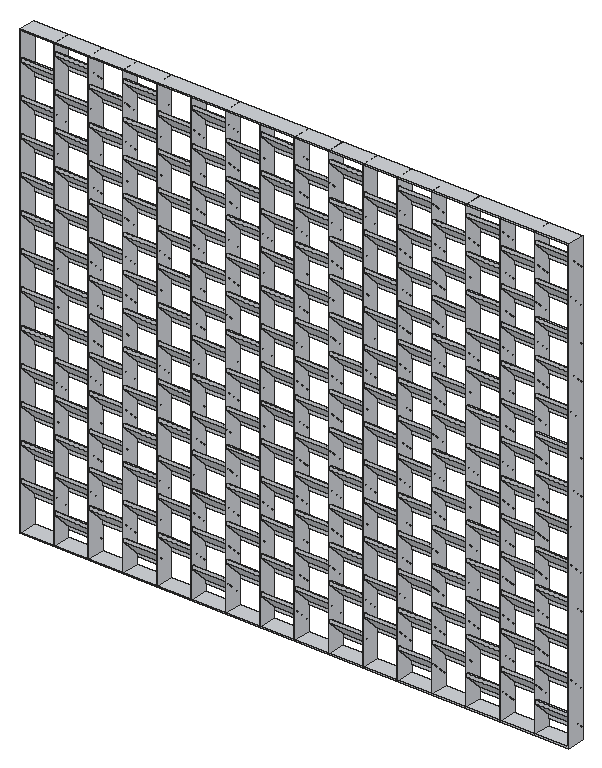
Revit family "Slant Blade-Tex Screen", category Mechanical Equipment, Revit 2015
Parameters
  Void Width [instance] = A + 0' 0 23/256"  # 0' - 6 23/256"
  Vertical Bar Height [instance] = Exact Height - Frame Thickness * 2  # 6' - 6 3/4"
  VBar Number [instance] = (Exact Width / 2) / A  # 8
  URL = "http://unitedenertech.com/catalog/pdf/D_6%20SLANT%20BLADE-TEX.pdf"
  Type Comments = "Max. Single Section Sizes are (120\"w x 84\"h) or (84\"w x 120\"h)"
  Model = "Slant Blade-Tex Screen"
  Manufacturer = "United Enertech Corporation"
  Keynote = "See Submittal for Max. A and B Values"
  H3Bar Number [instance] = H2Bar Number + 1  # 7
  H2Bar Number [instance] = (Exact Height / 2 - Frame Thickness - B / 2) / B  # 6
  H1Bar Number [instance] = (Exact Height / 2 - Frame Thickness) / B  # 7
  Frame Thickness = 0' - 0 1/8"
  Exact Width = 8' - 0"
  Exact Height = 6' - 7"
  Description = "Slant Blade-Tex Architectural Grille. Bar Frame Shown, consult Factory for Channel or Tube Frame Models."
  Depth = 0' - 3"
  Blade Length [instance] = Exact Width - Frame Thickness * 2  # 7' - 11 3/4"
  B/2 [instance] = B / 2  # 0' - 3"
  B = 0' - 6"
  A = 0' - 6"
  2A [instance] = 2 * A  # 1' - 0"
Reference planes (in)
  plane 1 "Center (Front/Back)": y = 0
  plane 2: z = 0
  plane 3 "Center (Left/Right)": x = 0
  plane 4: x = -48
  plane 5: x = 48
  plane 6: y = 1.5
  plane 7: y = -1.5
  plane 8: z = 79
  plane 9: z = 39.5
  plane 10: x = -47.875
  plane 11: x = 47.875
  plane 12: z = 0.125
  plane 13: z = 78.875
  plane 14: x = 0.045
  plane 15: x = -59.955
  plane 16: z = 44.56055
  plane 17: z = 41.56055
Forms (in)
  Extrusion 1, solid
    sketch origin (0, 0, 0) x (1, 0, 0) y (0, 0, 1)
      loop
        line (-47.875, 78.875) -> (-47.875, 0.125) -> (47.875, 0.125) -> (47.875, 78.875) -> (-47.875, 78.875)
      loop
        line (-48, 79) -> (-48, 0) -> (48, 0) -> (48, 79) -> (-48, 79)
    from -1.5 to 1.5
Dimensions and locks (in)
  "Exact Width": plane 4 to plane 5
  "Depth": plane 6 to plane 7
  equal spacing: plane 4, plane 3 "Center (Left/Right)", plane 5
  equal spacing: plane 6, plane 1 "Center (Front/Back)", plane 7
  equal spacing: plane 8, plane 9, level
  "Exact Height": plane 8 to level
  "Frame Thickness": plane 11 to plane 5
  "Frame Thickness": plane 4 to plane 10
  "Frame Thickness": plane 12 to level
  "Frame Thickness": plane 8 to plane 13
  locked: plane 3 "Center (Left/Right)" to plane 14 at 0.045
  equal spacing: group 34, group 33, group 32, group 31, group 30, group 29, group 2, group 1
  equal spacing: group 1, group 2, group 29, group 30, group 31, group 32, group 33, group 34  (x2)
  "A": nested 2 to nested 1
  equal spacing: group 1, group 3, group 35, group 36, group 37, group 38, group 39, group 40  (x3)
  "A": nested 1 to nested 3
  plane 17 to plane 9 = 0' - 2.06055"
  "B/2": plane 16 to plane 17
  equal spacing: group 4, group 5, group 6, group 15, group 16, group 17, group 18  (x3)
  "B": nested 6 to nested 4
  equal spacing: group 4, group 7, group 8, group 19, group 20, group 21, group 22  (x2)
  equal spacing: group 22, group 21, group 20, group 19, group 8, group 7, group 4
  "B": nested 4 to nested 8
  equal spacing: group 9, group 10, group 11, group 23, group 24, group 25  (x3)
  "B": nested 10 to nested 5
  equal spacing: group 9, group 12, group 13, group 14, group 26, group 27, group 28  (x2)
  equal spacing: group 28, group 27, group 26, group 14, group 13, group 12, group 9
  "B": nested 5 to nested 12
  aligned and locked: level to plane 2
  aligned and locked: level to Extrusion 1 sketch curve
  aligned and locked: plane 4 to Extrusion 1 sketch curve
  aligned and locked: Extrusion 1 sketch curve to plane 5
  aligned and locked: plane 12 to Extrusion 1 sketch curve
  aligned and locked: plane 11 to Extrusion 1 sketch curve
  aligned and locked: plane 10 to Extrusion 1 sketch curve
  aligned and locked: Extrusion 1 sketch curve to plane 8
  aligned and locked: plane 13 to Extrusion 1 sketch curve
  aligned and locked: Extrusion 1 to plane 6
  aligned and locked: Extrusion 1 to plane 7
  aligned and locked: plane 14 to nested 1
  aligned and locked: nested 1 to plane 7
  aligned and locked: nested 2 to nested 1
  aligned and locked: nested 1 to nested 3
  aligned and locked: plane 17 to nested 4  (x2)
  aligned and locked: plane 3 "Center (Left/Right)" to nested 5
  aligned and locked: plane 3 "Center (Left/Right)" to nested 4
  aligned and locked: nested 4 to plane 7
  aligned and locked: plane 16 to nested 5
  aligned and locked: nested 5 to plane 7
Nested families (in)
  nested 1: "VBAR" at (0.045, -1.5, 0.125), type "VBAR"
    with H 6' - 6 3/4"
  nested 2: "VBAR" at (-5.955, -1.5, 0.125), type "VBAR"
    with H 6' - 6 3/4"
  nested 3: "VBAR" at (6.045, -1.5, 0.125), type "VBAR"
    with H 6' - 6 3/4"
  nested 4: "Slant Tex Blades 1" at (0, 1.5, 39.49908), type "Slant Tex Blades 1"
    with Blade Length 7' - 11 3/4"
  nested 5: "Slant Tex Blades" at (0, 1.5, 42.49908), type "Slant Tex Blades"
    with Blade Length 7' - 11 3/4"
  nested 6: "Slant Tex Blades 1" at (0, 1.5, 45.49908), type "Slant Tex Blades 1"
    with Blade Length 7' - 11 3/4"
  nested 7: "Slant Tex Blades 1" at (0, 1.5, 51.49908), type "Slant Tex Blades 1"
    with Blade Length 7' - 11 3/4"
  nested 8: "Slant Tex Blades 1" at (0, 1.5, 33.49908), type "Slant Tex Blades 1"
    with Blade Length 7' - 11 3/4"
  nested 9: "Slant Tex Blades 1" at (0, 1.5, 27.49908), type "Slant Tex Blades 1"
    with Blade Length 7' - 11 3/4"
  nested 10: "Slant Tex Blades" at (0, 1.5, 48.49908), type "Slant Tex Blades"
    with Blade Length 7' - 11 3/4"
  nested 11: "Slant Tex Blades" at (0, 1.5, 54.49908), type "Slant Tex Blades"
    with Blade Length 7' - 11 3/4"
  nested 12: "Slant Tex Blades" at (0, 1.5, 36.49908), type "Slant Tex Blades"
    with Blade Length 7' - 11 3/4"
  nested 13: "Slant Tex Blades" at (0, 1.5, 30.49908), type "Slant Tex Blades"
    with Blade Length 7' - 11 3/4"
  nested 14: "Slant Tex Blades" at (0, 1.5, 24.49908), type "Slant Tex Blades"
    with Blade Length 7' - 11 3/4"
  nested 15: "Slant Tex Blades 1" at (0, 1.5, 57.49908), type "Slant Tex Blades 1"
    with Blade Length 7' - 11 3/4"
  nested 16: "Slant Tex Blades 1" at (0, 1.5, 63.49908), type "Slant Tex Blades 1"
    with Blade Length 7' - 11 3/4"
  nested 17: "Slant Tex Blades 1" at (0, 1.5, 69.49908), type "Slant Tex Blades 1"
    with Blade Length 7' - 11 3/4"
  nested 18: "Slant Tex Blades 1" at (0, 1.5, 75.49908), type "Slant Tex Blades 1"
    with Blade Length 7' - 11 3/4"
  nested 19: "Slant Tex Blades 1" at (0, 1.5, 21.49908), type "Slant Tex Blades 1"
    with Blade Length 7' - 11 3/4"
  nested 20: "Slant Tex Blades 1" at (0, 1.5, 15.49908), type "Slant Tex Blades 1"
    with Blade Length 7' - 11 3/4"
  nested 21: "Slant Tex Blades 1" at (0, 1.5, 9.49908), type "Slant Tex Blades 1"
    with Blade Length 7' - 11 3/4"
  nested 22: "Slant Tex Blades 1" at (0, 1.5, 3.49908), type "Slant Tex Blades 1"
    with Blade Length 7' - 11 3/4"
  nested 23: "Slant Tex Blades" at (0, 1.5, 60.49908), type "Slant Tex Blades"
    with Blade Length 7' - 11 3/4"
  nested 24: "Slant Tex Blades" at (0, 1.5, 66.49908), type "Slant Tex Blades"
    with Blade Length 7' - 11 3/4"
  nested 25: "Slant Tex Blades" at (0, 1.5, 72.49908), type "Slant Tex Blades"
    with Blade Length 7' - 11 3/4"
  nested 26: "Slant Tex Blades" at (0, 1.5, 18.49908), type "Slant Tex Blades"
    with Blade Length 7' - 11 3/4"
  nested 27: "Slant Tex Blades" at (0, 1.5, 12.49908), type "Slant Tex Blades"
    with Blade Length 7' - 11 3/4"
  nested 28: "Slant Tex Blades" at (0, 1.5, 6.49908), type "Slant Tex Blades"
    with Blade Length 7' - 11 3/4"
  nested 29: "VBAR" at (-11.955, -1.5, 0.125), type "VBAR"
    with H 6' - 6 3/4"
  nested 30: "VBAR" at (-17.955, -1.5, 0.125), type "VBAR"
    with H 6' - 6 3/4"
  nested 31: "VBAR" at (-23.955, -1.5, 0.125), type "VBAR"
    with H 6' - 6 3/4"
  nested 32: "VBAR" at (-29.955, -1.5, 0.125), type "VBAR"
    with H 6' - 6 3/4"
  nested 33: "VBAR" at (-35.955, -1.5, 0.125), type "VBAR"
    with H 6' - 6 3/4"
  nested 34: "VBAR" at (-41.955, -1.5, 0.125), type "VBAR"
    with H 6' - 6 3/4"
  nested 35: "VBAR" at (12.045, -1.5, 0.125), type "VBAR"
    with H 6' - 6 3/4"
  nested 36: "VBAR" at (18.045, -1.5, 0.125), type "VBAR"
    with H 6' - 6 3/4"
  nested 37: "VBAR" at (24.045, -1.5, 0.125), type "VBAR"
    with H 6' - 6 3/4"
  nested 38: "VBAR" at (30.045, -1.5, 0.125), type "VBAR"
    with H 6' - 6 3/4"
  nested 39: "VBAR" at (36.045, -1.5, 0.125), type "VBAR"
    with H 6' - 6 3/4"
  nested 40: "VBAR" at (42.045, -1.5, 0.125), type "VBAR"
    with H 6' - 6 3/4"
Definition of nested family "VBAR"
  Parameters (values of type "VBAR")
    H = 6' - 1 3/4"
  Reference planes (in)
    plane 1 "Center (Front/Back)": y = 0
    plane 2: z = 0
    plane 3 "Center (Left/Right)": x = 0
    plane 4: x = -0.09
    plane 5: y = 3
    plane 6: z = 73.75
  Forms (in)
    Extrusion 1, solid
      sketch origin (0, 0, 0) x (1, 0, 0) y (0, 1, 0)
        loop
          line (-0.09, 3) -> (-0.09, 0) -> (0, 0) -> (0, 3) -> (-0.09, 3)
      from 0 to 73.75
  Dimensions and locks (in)
    plane 4 to plane 3 "Center (Left/Right)" = 0' - 0.09"
    plane 1 "Center (Front/Back)" to plane 5 = 0' - 3"
    "H": plane 6 to level
    aligned and locked: level to plane 2
    aligned and locked: plane 6 to Extrusion 1
  Automatic sketch dimensions
    plane 1 "Center (Front/Back)" to Extrusion 1 sketch curve = 0' - 0"
    Extrusion 1 sketch curve to plane 4 = 0' - 0"
    Extrusion 1 sketch curve to plane 3 "Center (Left/Right)" = 0' - 0"
    Extrusion 1 sketch curve to plane 5 = 0' - 0"
Definition of nested family "Slant Tex Blades 1"
  Parameters (values of type "Slant Tex Blades 1")
    V = 0' - 6 23/256"
    Blade Length = 9' - 11 3/4"
    2A = 1' - 0"
  Reference planes (in)
    plane 1 "Center (Front/Back)": y = 0
    plane 2: z = 0
    plane 3 "Center (Left/Right)": x = 0
    plane 4: x = -59.875
    plane 5: x = 59.875
    plane 6: x = 6.04484
    plane 7: x = 11.955
    plane 8: x = 18.04484
    plane 9: x = -0.045
    plane 10: x = 23.955
    plane 11: x = 30.04484
    plane 12: x = 35.955
    plane 13: x = 42.04484
    plane 14: x = 47.955
    plane 15: x = 54.04484
    plane 16: x = -5.95516
    plane 17: x = -12.045
    plane 18: x = -17.95516
    plane 19: x = -24.045
    plane 20: x = -29.95516
    plane 21: x = -36.045
    plane 22: x = -41.95516
    plane 23: x = -48.045
    plane 24: x = -53.95516
    plane 25: x = -60.045
    plane 26: y = -3
    plane 27: z = -2.06147
    plane 28: z = 2.06147
  Forms (in)
    Extrusion 1, void
      sketch origin (48, 0, 0) x (1, 0, 0) y (0, 0, 1)
        loop
          line (-48.045, 3) -> (-48.045, -2.74777) -> (-41.95516, -2.74777) -> (-41.95516, 3) -> (-48.045, 3)
      from 0 to 12
    Extrusion 2, void
      sketch origin (61.75, 0, 0) x (1, 0, 0) y (0, 0, 1)
        loop
          line (-49.795, 3) -> (-49.795, -2.74777) -> (-43.70516, -2.74777) -> (-43.70516, 3) -> (-49.795, 3)
      from 0 to 12
    Extrusion 3, void
      sketch origin (72.75, 0, 0) x (1, 0, 0) y (0, 0, 1)
        loop
          line (-48.795, 3) -> (-48.795, -2.74777) -> (-42.70516, -2.74777) -> (-42.70516, 3) -> (-48.795, 3)
      from 0 to 12
    Extrusion 4, void
      sketch origin (85, 0, 0) x (1, 0, 0) y (0, 0, 1)
        loop
          line (-49.045, 3) -> (-49.045, -2.74777) -> (-42.95516, -2.74777) -> (-42.95516, 3) -> (-49.045, 3)
      from 0 to 12
    Extrusion 5, void
      sketch origin (98, 0, 0) x (1, 0, 0) y (0, 0, 1)
        loop
          line (-50.045, 3) -> (-50.045, -2.74777) -> (-43.95516, -2.74777) -> (-43.95516, 3) -> (-50.045, 3)
      from 0 to 12
    Extrusion 6, void
      sketch origin (36.25, 0, 0) x (1, 0, 0) y (0, 0, 1)
        loop
          line (-48.295, 3) -> (-48.295, -2.74777) -> (-42.20516, -2.74777) -> (-42.20516, 3) -> (-48.295, 3)
      from 0 to 12
    Extrusion 7, void
      sketch origin (25.25, 0, 0) x (1, 0, 0) y (0, 0, 1)
        loop
          line (-49.295, 3) -> (-49.295, -2.74777) -> (-43.20516, -2.74777) -> (-43.20516, 3) -> (-49.295, 3)
      from 0 to 12
    Extrusion 8, void
      sketch origin (13.5, 0, 0) x (1, 0, 0) y (0, 0, 1)
        loop
          line (-49.545, 3) -> (-49.545, -2.74777) -> (-43.45516, -2.74777) -> (-43.45516, 3) -> (-49.545, 3)
      from 0 to 12
    Extrusion 9, void
      sketch origin (1, 0, 0) x (1, 0, 0) y (0, 0, 1)
        loop
          line (-49.045, 3) -> (-49.045, -2.74777) -> (-42.95516, -2.74777) -> (-42.95516, 3) -> (-49.045, 3)
      from 0 to 12
    Extrusion 10, void
      sketch origin (-10.25, 0, 0) x (1, 0, 0) y (0, 0, 1)
        loop
          line (-49.795, 3) -> (-49.795, -2.74777) -> (-43.70516, -2.74777) -> (-43.70516, 3) -> (-49.795, 3)
      from 0 to 12
    Extrusion 11, solid
      sketch origin (0, 0, 10.56965) x (0, 1, 0) y (0, 0, 1)
        loop
          line (0, -12.63112) -> (0, -12.00612) -> (-2.91, -9.09612) -> (-2.91, -8.50817) -> (-3, -8.50817) -> (-3, -9.13317) -> (-0.09, -12.04317) -> (-0.09, -12.63112) -> (0, -12.63112)
      from -59.875 to 59.875
  Cuts and joins
    Extrusion 1, Extrusion 2, Extrusion 3, Extrusion 4, Extrusion 5, Extrusion 6, Extrusion 7, Extrusion 8, Extrusion 9, Extrusion 10 cuts Extrusion 11
  Dimensions and locks (in)
    equal spacing: plane 5, plane 3 "Center (Left/Right)", plane 4
    "Blade Length": plane 5 to plane 4
    locked: plane 9 to plane 3 "Center (Left/Right)" at 0.045
    "V": plane 9 to plane 6
    "2A": plane 8 to plane 6
    "V": plane 8 to plane 7
    "2A": plane 11 to plane 8
    "2A": plane 13 to plane 11
    "2A": plane 15 to plane 13
    "V": plane 11 to plane 10
    "V": plane 13 to plane 12
    "V": plane 15 to plane 14
    "2A": plane 6 to plane 16
    "2A": plane 18 to plane 16
    "2A": plane 20 to plane 18
    "2A": plane 22 to plane 20
    "2A": plane 24 to plane 22
    "V": plane 17 to plane 16
    "V": plane 19 to plane 18
    "V": plane 21 to plane 20
    "V": plane 23 to plane 22
    "V": plane 25 to plane 24
    locked: plane 1 "Center (Front/Back)" to plane 26 at 3
    aligned and locked: level to plane 2
    aligned and locked: plane 6 to Extrusion 1
    aligned and locked: plane 9 to Extrusion 1
    aligned and locked: Extrusion 2 to plane 7
    aligned and locked: plane 8 to Extrusion 2
    aligned and locked: Extrusion 3 to plane 10
    aligned and locked: plane 11 to Extrusion 3
    aligned and locked: Extrusion 4 to plane 12
    aligned and locked: plane 13 to Extrusion 4
    aligned and locked: plane 15 to Extrusion 5
    aligned and locked: Extrusion 5 to plane 14
    aligned and locked: plane 17 to Extrusion 6
    aligned and locked: Extrusion 6 to plane 16
    aligned and locked: Extrusion 7 to plane 18
    aligned and locked: plane 19 to Extrusion 7
    aligned and locked: Extrusion 8 to plane 20
    aligned and locked: plane 21 to Extrusion 8
    aligned and locked: Extrusion 9 to plane 22
    aligned and locked: plane 23 to Extrusion 9
    aligned and locked: Extrusion 10 to plane 24
    aligned and locked: plane 25 to Extrusion 10
    aligned and locked: Extrusion 11 to plane 5
    aligned and locked: Extrusion 11 to plane 4
  Automatic sketch dimensions
    plane 9 to Extrusion 1 sketch curve = 0' - 0"
    Extrusion 1 sketch curve to plane 6 = 0' - 0"
    Extrusion 2 sketch curve to plane 7 = 0' - 0"
    Extrusion 2 sketch curve to plane 8 = 0' - 0"
    Extrusion 3 sketch curve to plane 10 = 0' - 0"
    Extrusion 3 sketch curve to plane 11 = 0' - 0"
    Extrusion 4 sketch curve to plane 12 = 0' - 0"
    Extrusion 4 sketch curve to plane 13 = 0' - 0"
    Extrusion 5 sketch curve to plane 14 = 0' - 0"
    Extrusion 5 sketch curve to plane 15 = 0' - 0"
    Extrusion 6 sketch curve to plane 17 = 0' - 0"
    Extrusion 6 sketch curve to plane 16 = 0' - 0"
    plane 19 to Extrusion 7 sketch curve = 0' - 0"
    Extrusion 7 sketch curve to plane 18 = 0' - 0"
    Extrusion 8 sketch curve to plane 21 = 0' - 0"
    Extrusion 8 sketch curve to plane 20 = 0' - 0"
    Extrusion 9 sketch curve to plane 23 = 0' - 0"
    Extrusion 9 sketch curve to plane 22 = 0' - 0"
    Extrusion 10 sketch curve to plane 4 = 0' - 0.17"
    Extrusion 10 sketch curve to plane 24 = 0' - 0"
    Extrusion 11 sketch curve to plane 26 = 0' - 0"
    Extrusion 11 sketch curve to plane 1 "Center (Front/Back)" = 0' - 0"
    plane 1 "Center (Front/Back)" to Extrusion 11 sketch curve = 0' - 0.09"
    Extrusion 11 sketch curve to Extrusion 11 sketch curve = 0' - 0.58794"
    Extrusion 11 sketch curve to Extrusion 11 sketch curve = 0' - 0.03706"  (x2)
    Extrusion 11 sketch curve to plane 26 = 0' - 0.09"
    Extrusion 11 sketch curve to Extrusion 11 sketch curve = 0' - 0 5/8"
    Extrusion 11 sketch curve to Extrusion 11 sketch curve = 0' - 2.91"
    Extrusion 1 sketch curve to level = 0' - 2.74777"
    Extrusion 2 sketch curve to level = 0' - 2.74777"
    Extrusion 3 sketch curve to level = 0' - 2.74777"
    Extrusion 4 sketch curve to level = 0' - 2.74777"
    Extrusion 5 sketch curve to level = 0' - 2.74777"
    Extrusion 6 sketch curve to level = 0' - 2.74777"
    Extrusion 7 sketch curve to level = 0' - 2.74777"
    Extrusion 8 sketch curve to level = 0' - 2.74777"
    Extrusion 9 sketch curve to level = 0' - 2.74777"
    Extrusion 10 sketch curve to level = 0' - 2.74777"
    Extrusion 11 sketch curve to plane 27 = 0' - 0"
    level to Extrusion 1 sketch curve = 0' - 3"
    level to Extrusion 2 sketch curve = 0' - 3"
    level to Extrusion 3 sketch curve = 0' - 3"
    level to Extrusion 4 sketch curve = 0' - 3"
    level to Extrusion 5 sketch curve = 0' - 3"
    level to Extrusion 6 sketch curve = 0' - 3"
    level to Extrusion 7 sketch curve = 0' - 3"
    level to Extrusion 8 sketch curve = 0' - 3"
    level to Extrusion 9 sketch curve = 0' - 3"
    level to Extrusion 10 sketch curve = 0' - 3"
Definition of nested family "Slant Tex Blades"
  Parameters (values of type "Slant Tex Blades")
    V = 0' - 6 23/256"
    Blade Length = 9' - 11 3/4"
    2A = 1' - 0"
  Reference planes (in)
    plane 1 "Center (Front/Back)": y = 0
    plane 2: z = 0
    plane 3 "Center (Left/Right)": x = 0
    plane 4: x = -59.875
    plane 5: x = 59.875
    plane 6: x = 0.045
    plane 7: x = -6.04484
    plane 8: x = -11.955
    plane 9: x = -18.04484
    plane 10: x = -23.955
    plane 11: x = -30.04484
    plane 12: x = -42.04484
    plane 13: x = -35.955
    plane 14: x = -47.955
    plane 15: x = -54.04484
    plane 16: x = 5.95516
    plane 17: x = 12.045
    plane 18: x = 17.95516
    plane 19: x = 24.045
    plane 20: x = 29.95516
    plane 21: x = 36.045
    plane 22: x = 41.95516
    plane 23: x = 48.045
    plane 24: x = 53.95516
    plane 25: x = 60.045
    plane 26: y = -3
    plane 27: z = -2.06147
    plane 28: z = 2.06147
  Forms (in)
    Extrusion 1, void
      sketch origin (0, 0, 0) x (1, 0, 0) y (0, 0, 1)
        loop
          line (-54.04484, 3) -> (-54.04484, -2.74777) -> (-47.955, -2.74777) -> (-47.955, 3) -> (-54.04484, 3)
      from 0 to 12
    Extrusion 2, void
      sketch origin (12, 0, 0) x (1, 0, 0) y (0, 0, 1)
        loop
          line (-54.04484, 3) -> (-54.04484, -2.74777) -> (-47.955, -2.74777) -> (-47.955, 3) -> (-54.04484, 3)
      from 0 to 12
    Extrusion 3, void
      sketch origin (24, 0, 0) x (1, 0, 0) y (0, 0, 1)
        loop
          line (-54.04484, 3) -> (-54.04484, -2.74777) -> (-47.955, -2.74777) -> (-47.955, 3) -> (-54.04484, 3)
      from 0 to 12
    Extrusion 4, void
      sketch origin (36, 0, 0) x (1, 0, 0) y (0, 0, 1)
        loop
          line (-54.04484, 3) -> (-54.04484, -2.74777) -> (-47.955, -2.74777) -> (-47.955, 3) -> (-54.04484, 3)
      from 0 to 12
    Extrusion 5, void
      sketch origin (48, 0, 0) x (1, 0, 0) y (0, 0, 1)
        loop
          line (-54.04484, 3) -> (-54.04484, -2.74777) -> (-47.955, -2.74777) -> (-47.955, 3) -> (-54.04484, 3)
      from 0 to 12
    Extrusion 6, void
      sketch origin (60, 0, 0) x (1, 0, 0) y (0, 0, 1)
        loop
          line (-54.04484, 3) -> (-54.04484, -2.74777) -> (-47.955, -2.74777) -> (-47.955, 3) -> (-54.04484, 3)
      from 0 to 12
    Extrusion 7, void
      sketch origin (72, 0, 0) x (1, 0, 0) y (0, 0, 1)
        loop
          line (-54.04484, 3) -> (-54.04484, -2.74777) -> (-47.955, -2.74777) -> (-47.955, 3) -> (-54.04484, 3)
      from 0 to 12
    Extrusion 8, void
      sketch origin (84, 0, 0) x (1, 0, 0) y (0, 0, 1)
        loop
          line (-54.04484, 3) -> (-54.04484, -2.74777) -> (-47.955, -2.74777) -> (-47.955, 3) -> (-54.04484, 3)
      from 0 to 12
    Extrusion 9, void
      sketch origin (96, 0, 0) x (1, 0, 0) y (0, 0, 1)
        loop
          line (-54.04484, 3) -> (-54.04484, -2.74777) -> (-47.955, -2.74777) -> (-47.955, 3) -> (-54.04484, 3)
      from 0 to 12
    Extrusion 10, void
      sketch origin (108, 0, 0) x (1, 0, 0) y (0, 0, 1)
        loop
          line (-54.04484, 3) -> (-54.04484, -2.74777) -> (-47.955, -2.74777) -> (-47.955, 3) -> (-54.04484, 3)
      from 0 to 12
    Extrusion 11, solid
      sketch origin (0, 0, 9.28565) x (0, 1, 0) y (0, 0, 1)
        loop
          line (0, -11.34712) -> (0, -10.72212) -> (-2.91, -7.81212) -> (-2.91, -7.22418) -> (-3, -7.22418) -> (-3, -7.84918) -> (-0.09, -10.75918) -> (-0.09, -11.34712) -> (0, -11.34712)
      from -59.875 to 59.875
  Cuts and joins
    Extrusion 1, Extrusion 2, Extrusion 3, Extrusion 4, Extrusion 5, Extrusion 6, Extrusion 7, Extrusion 8, Extrusion 9, Extrusion 10 cuts Extrusion 11
  Dimensions and locks (in)
    equal spacing: plane 5, plane 3 "Center (Left/Right)", plane 4
    "Blade Length": plane 5 to plane 4
    locked: plane 6 to plane 3 "Center (Left/Right)" at 0.045
    "V": plane 6 to plane 7
    "2A": plane 6 to plane 8
    "V": plane 8 to plane 9
    "2A": plane 8 to plane 10
    "V": plane 10 to plane 11
    "2A": plane 10 to plane 13
    "V": plane 13 to plane 12
    "2A": plane 13 to plane 14
    "V": plane 14 to plane 15
    "2A": plane 17 to plane 6
    "V": plane 17 to plane 16
    "2A": plane 19 to plane 17
    "V": plane 19 to plane 18
    "2A": plane 21 to plane 19
    "V": plane 21 to plane 20
    "2A": plane 23 to plane 21
    "V": plane 23 to plane 22
    "2A": plane 25 to plane 23
    "V": plane 25 to plane 24
    aligned and locked: level to plane 2
    aligned and locked: plane 15 to Extrusion 1 sketch curve
    aligned and locked: Extrusion 1 sketch curve to plane 14
    aligned and locked: Extrusion 11 to plane 5
    aligned and locked: Extrusion 11 to plane 4
  Automatic sketch dimensions
    Extrusion 2 sketch curve to plane 12 = 0' - 0"
    Extrusion 2 sketch curve to plane 13 = 0' - 0"
    Extrusion 3 sketch curve to plane 11 = 0' - 0"
    Extrusion 3 sketch curve to plane 10 = 0' - 0"
    Extrusion 4 sketch curve to plane 9 = 0' - 0"
    Extrusion 4 sketch curve to plane 8 = 0' - 0"
    plane 7 to Extrusion 5 sketch curve = 0' - 0"
    Extrusion 5 sketch curve to plane 6 = 0' - 0"
    Extrusion 6 sketch curve to plane 16 = 0' - 0"
    Extrusion 6 sketch curve to plane 17 = 0' - 0"
    Extrusion 7 sketch curve to plane 18 = 0' - 0"
    Extrusion 7 sketch curve to plane 19 = 0' - 0"
    Extrusion 8 sketch curve to plane 20 = 0' - 0"
    Extrusion 8 sketch curve to plane 21 = 0' - 0"
    Extrusion 9 sketch curve to plane 22 = 0' - 0"
    Extrusion 9 sketch curve to plane 23 = 0' - 0"
    Extrusion 10 sketch curve to plane 24 = 0' - 0"
    Extrusion 10 sketch curve to plane 25 = 0' - 0"
    Extrusion 11 sketch curve to plane 26 = 0' - 0"
    Extrusion 11 sketch curve to plane 1 "Center (Front/Back)" = 0' - 0"
    plane 1 "Center (Front/Back)" to Extrusion 11 sketch curve = 0' - 0.09"
    Extrusion 11 sketch curve to Extrusion 11 sketch curve = 0' - 0.58794"  (x2)
    Extrusion 11 sketch curve to Extrusion 11 sketch curve = 0' - 0.03706"  (x2)
    Extrusion 11 sketch curve to plane 26 = 0' - 0.09"
    Extrusion 11 sketch curve to Extrusion 11 sketch curve = 0' - 2.94706"
    Extrusion 1 sketch curve to plane 27 = 0' - 0.6863"
    Extrusion 2 sketch curve to plane 27 = 0' - 0.6863"
    Extrusion 3 sketch curve to plane 27 = 0' - 0.6863"
    Extrusion 4 sketch curve to plane 27 = 0' - 0.6863"
    Extrusion 5 sketch curve to plane 27 = 0' - 0.6863"
    Extrusion 6 sketch curve to plane 27 = 0' - 0.6863"
    Extrusion 7 sketch curve to plane 27 = 0' - 0.6863"
    Extrusion 8 sketch curve to plane 27 = 0' - 0.6863"
    Extrusion 9 sketch curve to plane 27 = 0' - 0.6863"
    Extrusion 10 sketch curve to plane 27 = 0' - 0.6863"
    Extrusion 11 sketch curve to plane 27 = 0' - 0"
    plane 28 to Extrusion 1 sketch curve = 0' - 0.93853"
    plane 28 to Extrusion 2 sketch curve = 0' - 0.93853"
    plane 28 to Extrusion 3 sketch curve = 0' - 0.93853"
    plane 28 to Extrusion 4 sketch curve = 0' - 0.93853"
    plane 28 to Extrusion 5 sketch curve = 0' - 0.93853"
    plane 28 to Extrusion 6 sketch curve = 0' - 0.93853"
    plane 28 to Extrusion 7 sketch curve = 0' - 0.93853"
    plane 28 to Extrusion 8 sketch curve = 0' - 0.93853"
    plane 28 to Extrusion 9 sketch curve = 0' - 0.93853"
    plane 28 to Extrusion 10 sketch curve = 0' - 0.93853"
